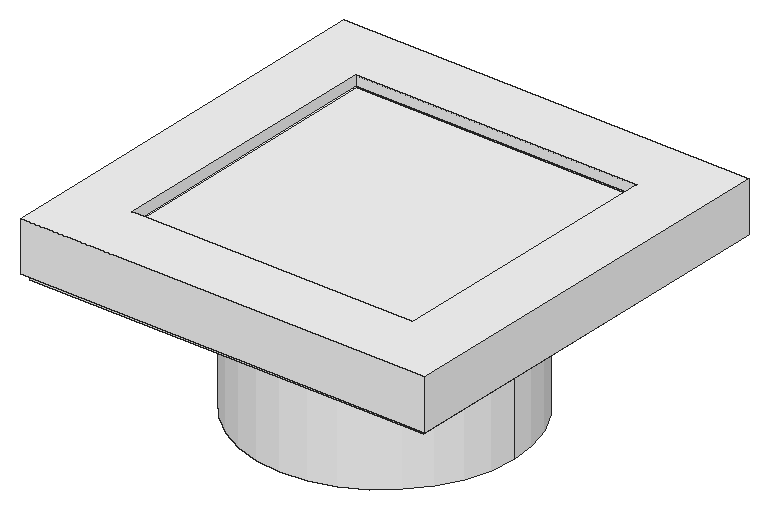
Revit family "Gira_283403", category Electrical Fixtures, host Face, Revit 2017
Family settings
  Host = Face
  Maintain Annotation Orientation = Yes
  Round Connector Dimension = Use Diameter
  Part Type = Normal
  Cut with Voids When Loaded = No
  Shared = No
  Room Calculation Point = No
Parameters (values of type "Wippschalter BS 20 AX Aus 2-p Kontroll System 55 Reinweiß")
  Zusammenstellung = "Basiselement mit zentraler Abdeckplatte"
  White [instance] = White
  Werkstoffgüte = "sonstige"
  Werkstoff = "sonstige"
  Waschmaschinenschalter = "No"
  URL = "http://katalog.gira.de/de_DE/datenblatt.html?artikelnr=283403"
  Textfeld/Beschriftungsfläche = "nein"
  Tastschalter = "No"
  Schaltungsart = "Schalter 2-polig"
  Rückmeldekontakt = "No"
  Region = "DE"
  RAL-Nummer (ähnlich) = "9010 "
  Oberfläche = "sonstige"
  Nennspannung = "250 Volt"
  Name = "Wippschalter BS 20 AX Aus 2-p Kontroll System 55 Reinweiß"
  Montageart = "unter Putz"
  Model = "Sys55_Komplettgerät_Schalten und Tasten"
  Mit Montageplatte = "No"
  Manufacturer URL = "https://www.gira.de/"
  HeinzeBIM = "https://bimportal.heinze.de/bim/wippschalter-bs-20-ax-aus-2-p-kontroll-system-55-reinweiss/03c49ed0deab1ad3850f9c5ed5ce738d68910108"
  Halogenfrei = "Yes"
  HAN = "283403"
  Geeignet für Schutzart (IP) = "IP20"
  GTIN = "4010337078821"
  Farbe = "weiß"
  Default Elevation = 1219.2 mm
  Data sheet (1) = "https://katalog.gira.de/de_DE/download.html?artikelnr=283403"
  Category = "Installationsschalter"
  Bemessungsstrom = "20 Ampere"
  Beleuchtungsfunktion = "beleuchtet wenn eingeschaltet"
  Beleuchtungsart = "sonstige"
  Beleuchtung = "ja"
  Befestigungsart = "Schraubbefestigung"
  Bedienungsart = "Wippe/Taste"
  Available = "Yes"
  Anzahl der Module (bei Modulbauweise) = "1 "
  Anzahl der Betätigungswippen = "1 "
  Anschlussart = "Schraubklemme"
Reference planes
  plane 1 "Center (Front/Back)": y = 0
  plane 2: z = 0
  plane 3 "Center (Left/Right)": x = 0
Forms (mm)
  Extrusion 1, solid, material "White" <- "White", detail levels medium
    sketch origin (0, 0, 0) x (1, 0, 0) y (0, 1, 0)
      loop
        line (-40.4, 40.4) -> (-40.4, -40.4) -> (40.4, -40.4) -> (40.4, 40.4) -> (-40.4, 40.4)
      loop
        line (-28, 28) -> (-28, -28) -> (28, -28) -> (28, 28) -> (-28, 28)
    from 0 to 10
  Extrusion 2, solid, material "White" <- "White", detail levels fine
    sketch origin (0, 0, 0) x (1, 0, 0) y (0, 1, 0)
      loop
        line (-40.4, 40.4) -> (-40.4, -40.4) -> (40.4, -40.4) -> (40.4, 40.4) -> (-40.4, 40.4)
      loop
        line (-28, 28) -> (-28, -28) -> (28, -28) -> (28, 28) -> (-28, 28)
    from 0 to 10
  Extrusion 3, void
    sketch origin (0, 0, 0) x (1, 0, 0) y (0, 1, 0)
      loop
        line (-38.4, 38.4) -> (-38.4, -38.4) -> (38.4, -38.4) -> (38.4, 38.4) -> (-38.4, 38.4)
    from 0 to 8
  Extrusion 4, solid, material "White" <- "White", detail levels medium+fine
    sketch origin (0, 0, 0) x (1, 0, 0) y (0, 1, 0)
      loop
        line (-39.4, 39.4) -> (-39.4, -39.4) -> (39.4, -39.4) -> (39.4, 39.4) -> (-39.4, 39.4)
    from 0 to -1
  Extrusion 5, solid, material "White" <- "White", detail levels medium+fine
    sketch origin (0, 0, 0) x (1, 0, 0) y (0, 1, 0)
      loop
        line (-35.5, 35.5) -> (-35.5, -35.5) -> (35.5, -35.5) -> (35.5, 35.5) -> (-35.5, 35.5)
    from -2 to -3
  Extrusion 6, solid, material "White" <- "White", detail levels medium+fine
    sketch origin (0, 0, 0) x (1, 0, 0) y (0, 1, 0)
      loop
        circle (0, 0) r 26
    from 0 to -27.5
  Extrusion 7, solid, material "White" <- "White", detail levels coarse
    sketch origin (0, 0, 0) x (1, 0, 0) y (0, 1, 0)
      loop
        line (-40.4, 40.4) -> (-40.4, -40.4) -> (40.4, -40.4) -> (40.4, 40.4) -> (-40.4, 40.4)
    from -27.5 to 10
Cuts and joins
  Extrusion 3 cuts Extrusion 2
Dimensions and locks
  aligned and locked: plane 2 to host face
  aligned and locked: level to host face
  aligned and locked: plane 3 "Center (Left/Right)" to nested 2
  aligned and locked: plane 1 "Center (Front/Back)" to nested 2
Nested families
  nested 1: "Sys55_Abdeckung_Schalten und Tasten_floor_base" at (0, 0, 0), type "Sys55_Abdeckung_Schalten und Tasten_floor_base"
  nested 2: "Schalter" at (0, 0, 0), type "Schalter"
Connectors
  electrical at (0, 0, -27.5)
    settings: on Extrusion 6, index 1, voltage 220 V, apparent load 0 VA, apparent load phase1 0 VA, apparent load phase2 0 VA, apparent load phase3 0 VA, power factor 1, load classification "Other", number of poles 1, system type 30, power factor state 1, is connector primary yes, connector utility no, sub classification motor no, connector description ""
Definition of nested family "Sys55_Abdeckung_Schalten und Tasten_floor_base"
  Parameters
    Default Elevation = 1219.2 mm
    White [instance] = none
  Reference planes
    plane 1 "Center (Front/Back)": y = 0
    plane 2: z = 0
    plane 3 "Center (Left/Right)": x = 0
  Forms (mm)
    Extrusion 1, solid
      sketch origin (0, 0, 0) x (1, 0, 0) y (0, 1, 0)
        loop
          line (-1219.2, 1219.2) -> (-1219.2, -1219.2) -> (1219.2, -1219.2) -> (1219.2, 1219.2) -> (-1219.2, 1219.2)
      from 0 to -304.8
    Extrusion 2, solid, material <- "White", detail levels fine
      sketch origin (0, 0, 0) x (1, 0, 0) y (0, 1, 0)
        loop
          line (-27.5, 27.5) -> (-27.5, -27.5) -> (27.5, -27.5) -> (27.5, 27.5) -> (-27.5, 27.5)
      from 0 to 8
    Extrusion 3, void
      sketch origin (0, 0, 0) x (1, 0, 0) y (0, 1, 0)
        loop
          line (26, 26) -> (-26, 26) -> (-26, -26) -> (26, -26) -> (26, 26)
      from 0 to 6
    Extrusion 4, solid, material <- "White", detail levels medium
      sketch origin (0, 0, 0) x (1, 0, 0) y (0, 1, 0)
        loop
          line (-27.5, 27.5) -> (-27.5, -27.5) -> (27.5, -27.5) -> (27.5, 27.5) -> (-27.5, 27.5)
      from 0 to 8
    Extrusion 5, solid, material <- "White", detail levels medium
      sketch origin (0, 0, 0) x (1, 0, 0) y (0, 1, 0)
        loop
          line (11, -17.5) -> (11, 17.5) -> (-11, 17.5) -> (-11, -17.5) -> (11, -17.5)
      from -6 to 6
    Extrusion 6, solid, material <- "White", detail levels fine
      sketch origin (0, 0, 0) x (1, 0, 0) y (0, 1, 0)
        loop
          line (11, 17.5) -> (-11, 17.5) -> (-11, 16.5) -> (11, 16.5) -> (11, 17.5)
        loop
          line (-11, -16.5) -> (-11, -17.5) -> (11, -17.5) -> (11, -16.5) -> (-11, -16.5)
      from -4 to 6
    Extrusion 7, solid, material <- "White", detail levels fine
      sketch origin (0, 0, 0) x (1, 0, 0) y (0, 1, 0)
        loop
          arc (5, 9.347) -> (0, 10.6) -> (-5, 9.347) r 10.6
          line (-5, 9.347) -> (-5, -9.347)
          arc (-5, -9.347) -> (0, -10.6) -> (5, -9.347) r 10.6
          line (5, -9.347) -> (5, 9.347)
      from -6 to 6
    Extrusion 8, solid, material <- "White", detail levels coarse
      sketch origin (0, 0, 0) x (1, 0, 0) y (0, 1, 0)
        loop
          line (-27.5, 27.5) -> (-27.5, -27.5) -> (27.5, -27.5) -> (27.5, 27.5) -> (-27.5, 27.5)
      from -6 to 8
  Cuts and joins
    Extrusion 3 cuts Extrusion 2
  Dimensions and locks
    aligned and locked: plane 2 to Extrusion 1
    aligned and locked: level to Extrusion 1
Definition of nested family "Schalter"
  Reference planes
    plane 1: y = 0
    plane 2: x = 0
  Lines and regions (mm)
    detail lines
      curve 1: circle (1.375, 2.778, 0) r 0.8 normal (0, 0, 1)
      curve 2: line (1.021, 2.061, 0) -> (0, 0, 0)
      curve 3: line (0, 0, 0) -> (-0.538, 0.266, 0)
  Dimensions and locks
    curve 2 to curve 2 = 2.3 mm
    curve 3 to curve 2 = 0.6 mm
    radius of curve 1 = 0.8 mm
